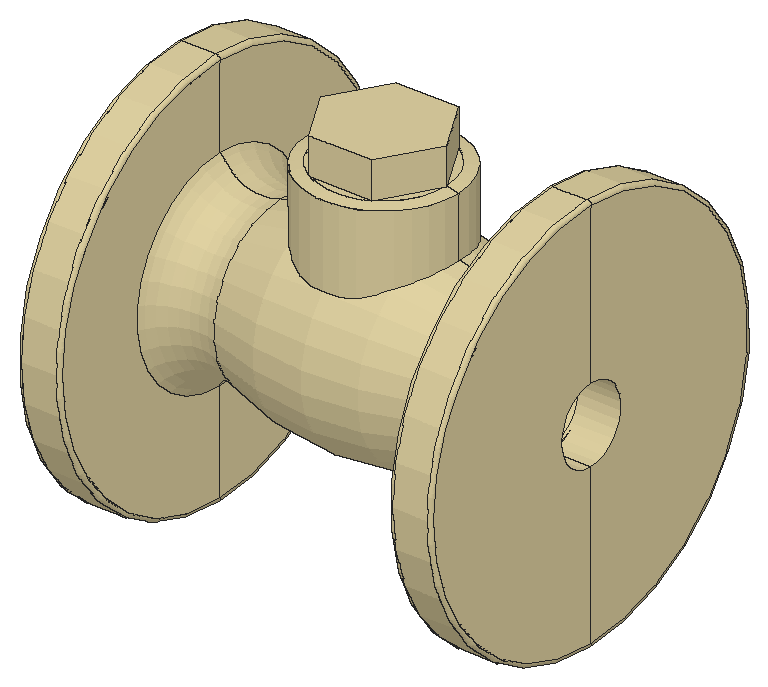
Revit family "DA04200000", category Apparecchi idraulici, Revit 2020
Family settings
  Quota connettore circolare = Usa diametro
  Tipo di parte = Normale
  Numero OmniClass = 23.45.00.00
  Titolo OmniClass = Sanitary, Laundry, and Cleaning Equipment
  Basato su piano di lavoro = No
  Sempre verticale = Sì
  Taglio con vuoti quando caricato = No
  Condiviso = No
  Punto di calcolo locali = No
Parameters
  URL = "https://web.cimberio.com/index.php/figura/680?subcategoria_id=35"
  Temperatura di esercizio = "-10 ÷ 170°C"
  Prospetto di default = 0 mm
  Produttore = "CIMBERIO SPA"
  Pressione nominale = "PN 16"
  Modello = "Cim 77PN10"
  Materiale = "Prodotto in lega di bronzo conforme alla norma EN 1982-CC491K"
  Descrizione = "Utilizzato nei più svariati settori dell'impiantistica in condutture anti-ritorno per: reti di distribuzione acqua potabile, impianti di riscaldamento, condizionamento, igienico-sanitari e distribuzione idrocarburi"
  DN Model [instance] = DA04203110 : DA04203110
  DN [instance] = 15 mm
  Commenti sul tipo = "Realizzato in ottemperanza ai requisiti gestionali della norma EN ISO 9001.\r\nCollaudato al 100% secondo la normativa EN 12266-1"
Reference planes
  plane 1 "Centro (Fronte/Retro)": y = 0
  plane 2: z = 0
  plane 3 "Centro (Sinistra/Destra)": x = 0
Dimensions and locks
  aligned and locked: level to plane 2
Nested families
  nested 1: "DA04203110" at (0, 0, 0), type <- "DN Model", type "DA04203110"
  nested 2: "DA04203110" at (0, 0, 0), type <- "DN Model", type "DA04203110"
  nested 3: "DA04203110" at (0, 0, 0), type <- "DN Model", type "DA04203110"
  nested 4: "DA04203110" at (0, 0, 0), type <- "DN Model", type "DA04203110"
  nested 5: "DA04203110" at (0, 0, 0), type <- "DN Model", type "DA04203110"
  nested 6: "DA04203110" at (0, 0, 0), type <- "DN Model", type "DA04203110"
  nested 7: "DA04203110" at (0, 0, 0), type <- "DN Model", type "DA04203110"
  nested 8: "DA04203110" at (0, 0, 0), type <- "DN Model", type "DA04203110"
  nested 9: "DA04203110" at (0, 0, 0), type <- "DN Model", type "DA04203110"
Connectors
  piping at (41.407, 0, 0), diameter 15, driven by "DN"
    settings: on nested 1, index 1, connector inside diameter 609.6 mm, connector length 0 mm, flow factor 0, pipe flow 0.0 L/s, pressure drop 0.0 Pa, fitting loss kfactor 0, connector angle 0.00°, fixture units 0, engagement length 0 mm, angle of deflection 0.00°, flow configuration 0, flow direction 0, fitting loss method 0, system type 7, joint type 0, gender type 0, connector reference index -1, connector utility 0, adjustable connector no, is connector primary yes, connector description ""
  piping at (-41.232, 0, 0), diameter 15, driven by "DN"
    settings: on nested 1, index 2, connector inside diameter 609.6 mm, connector length 0 mm, flow factor 0, pipe flow 0.0 L/s, pressure drop 0.0 Pa, fitting loss kfactor 0, connector angle 0.00°, fixture units 0, engagement length 0 mm, angle of deflection 0.00°, flow configuration 0, flow direction 0, fitting loss method 0, system type 7, joint type 0, gender type 0, connector reference index -1, connector utility 0, adjustable connector no, is connector primary no, connector description ""
Definition of nested family "DA04203110"
  Parameters (values of type "DA04313110")
    Default Elevation = 0 mm
  Reference planes
    plane 1 "Centro (Fronte/Retro)": y = 0
    plane 2: z = 0
    plane 3 "Centro (Sinistra/Destra)": x = 0
  Forms (mm)
    Revolve 1, solid
      sketch origin (0, 0, 0) x (1, 0, 0) y (0, 0, 1)
        loop
          line (33.343, -7.5) -> (-32.983, -7.5) -> (-32.983, -19.288)
          arc (-32.983, -19.288) -> (-27.734, -14.585) -> (-20.687, -14.614) r 9.811
          arc (-20.687, -14.614) -> (0, -18.5) -> (20.687, -14.614) r 57
          arc (20.687, -14.614) -> (28.136, -14.748) -> (33.343, -20.077) r 9.811
          line (33.343, -20.077) -> (33.343, -7.5)
        axis (-32.983, 2) -> (33.343, 2)
      angle from 0 to 360
    Revolve 2, solid
      sketch origin (0, 0, 0) x (1, 0, 0) y (0, 0, 1)
        loop
          line (-15, 4.172) -> (0, 4.172) -> (0, 32.573) -> (-12.5, 32.573) -> (-15, 32.132) -> (-15, 4.172)
        axis (0, 32.573) -> (0, 4.172)
      angle from 0 to 360
    Extrusion 3, solid
      sketch origin (0, 0, 0) x (0, -1, 0) y (1, 0, 0)
        loop
          line (0, 12.5) -> (-10.825, 6.25) -> (-10.825, -6.25) -> (0, -12.5) -> (10.825, -6.25) -> (10.825, 6.25) -> (0, 12.5)
      from 32.132 to 39.804
    Revolve 4, solid
      sketch origin (-6.732, 0, 0) x (1, 0, 0) y (0, 0, 1)
        loop
          line (-34.5, 39.192) -> (-34.5, 7.5) -> (-26, 7.5) -> (-26, 39.165)
          arc (-26, 39.165) -> (-26.244, 39.756) -> (-26.835, 40) r 0.835
          line (-26.835, 40) -> (-33.692, 40)
          arc (-33.692, 40) -> (-34.263, 39.763) -> (-34.5, 39.192) r 0.808
        axis (-34.5, 0) -> (-26, 0)
      angle from 0 to 360
    Revolve 5, solid
      sketch origin (6.907, 0, 0) x (-1, 0, 0) y (0, 0, 1)
        loop
          line (-34.5, 39.192) -> (-34.5, 7.5) -> (-26, 7.5) -> (-26, 39.165)
          arc (-26, 39.165) -> (-26.244, 39.756) -> (-26.835, 40) r 0.835
          line (-26.835, 40) -> (-33.692, 40)
          arc (-33.692, 40) -> (-34.263, 39.763) -> (-34.5, 39.192) r 0.808
        axis (-34.5, 0) -> (-26, 0)
      angle from 0 to 360
  Dimensions and locks
    aligned and locked: level to plane 2
